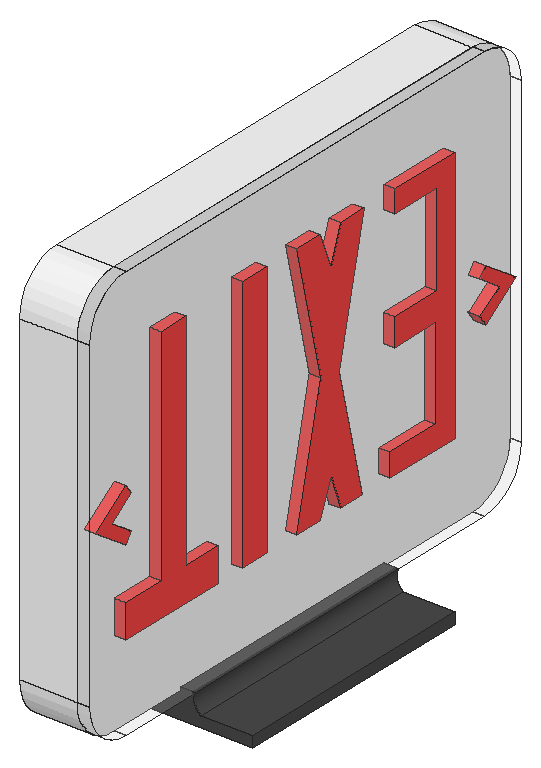
Revit family "SEMR_Ceiling", category Lighting Fixtures, host Face, Revit 2021
Family settings
  Host = Face
  Round Connector Dimension = Use Diameter
  Part Type = Normal
  OmniClass Number = 23.80.70.11.21
  OmniClass Title = Emergency Lighting
  Cut with Voids When Loaded = No
  Light Source = No
  Shared = No
  Room Calculation Point = No
Parameters (values of type "SEMR-S-R")
  zz Length 1 [instance] = if(Single Face, 0.200", 0.250")  # 0.200"
  Watts = 3.72 W
  Wattage Comments = "3.72 W"
  Warranty = "Fixture: 5 Years Full; Battery: 2 Years Full, 8 Years Pro-Rata"  # constant formula
  Wall Plate Material = Black
  Voltage [instance] = if(Is 120VAC, 120 V, 277 V)  # 120 V
  URL = "https://www.currentlighting.com/dual-lite"
  Type Comments = "Exit Light"  # constant formula
  Single Face = yes
  Product Page URL = ""
  Product Documentation Link = ""
  Model = "SEMR"
  Manufacturer = "DUAL-LITE"  # constant formula
  Load Classification = Lighting
  Lens = Red Glass
  Lamp = "LED Lamp"  # constant formula
  Is 277VAC [instance] = not(Is 120VAC)  # no
  Is 120VAC [instance] = yes
  Holder Material = Steel
  Glass = Light Glass
  Finish = White
  Features = "High-strength cast aluminum construction\r\n• Compact, low-profile style\r\n• Red and Green letters\r\n• Break out chevron directional arrows\r\n• Wide range of options including vandal/tamper-proof"  # constant formula
  Double Face = no
  Description = "A nickel-cadmium battery is supplied with master exits and comes with a solid state constant current type charger. Transfer to emergency\r\noperation is completely automatic upon failure of utility AC voltage. Units also have a built-in protection for transformer isolation, surge,\r\ntransient and low voltage disconnect. Emergency operation shall be provided for a minimum of 90 minutes. Full battery recharge occurs\r\nin compliance with UL 924 specifications. A universal 120/277 VAC, 60Hz input transformer, test switch and long life AC pilot light are all\r\nprovided standard. Exit signs must comply with all UL 924 and NFPA 101 Life Safety Code requirement"  # constant formula
  Default Elevation = 48.000"
  Certification = "UL 924 Listed\r\nNFPA 101 Life Safety Code\r\nCEC T20 Compliant"  # constant formula
  Ceiling = Ceiling : C1
  Application = "The Sempra® MR Series are a set of compact, low-profile Master/\r\nRemote exit sign featuring cast aluminum construction. It allows for\r\neasy installation and has energy saving, long-life LED lamps. "  # constant formula
  Apparent Load = Watts  # 3.72 VA
Types (4): name | Lens | Double Face
  SEMR-S-R | Red Glass | no
  SEMR-S-G | Green Glass | no
  SEMR-D-G | Green Glass | yes
  SEMR-D-R | Red Glass | yes
Reference planes (in)
  plane 1 "Center (Front/Back)": y = 0
  plane 2: z = 0
  plane 3 "Center (Left/Right)": x = 0
  plane 4: x = -6.25
  plane 5: x = 6.25
  plane 6: x = -2.75
  plane 7: x = 2.75
  plane 8: z = 9.3
  plane 9: y = -1.25
  plane 10: y = 1.25
  plane 11: y = -2.2
  plane 12: y = 2.2
Forms (in)
  Extrusion 1, solid, material "Black" <- "Wall Plate Material"
    sketch origin (-0.33698, -0.33698, 0) x (1, 0, 0) y (0, 0, 1)
      loop
        line (2.20258, 0) -> (2.20258, 0.24288) -> (1.0795, 0.24288)
        arc (1.0795, 0.24288) -> (0.94157, 0.42301) -> (0.97906, 0.64676) r 0.28476
        line (0.97906, 0.64676) -> (-0.97906, 0.64676)
        arc (-0.97906, 0.64676) -> (-0.94157, 0.42301) -> (-1.0795, 0.24288) r 0.28476
        line (-1.0795, 0.24288) -> (-2.20258, 0.24288) -> (-2.20258, 0) -> (2.20258, 0)
    from -2.75 to 2.75
Dimensions and locks (in)
  plane 4 to plane 3 "Center (Left/Right)" = 6.250"
  equal spacing: plane 4, plane 3 "Center (Left/Right)", plane 5
  equal spacing: plane 6, plane 3 "Center (Left/Right)", plane 7
  plane 6 to plane 3 "Center (Left/Right)" = 2.750"
  plane 7 to plane 6 = 5.500"
  plane 5 to plane 4 = 12.500"
  aligned and locked: plane 2 to host face
  aligned and locked: level to host face
Automatic sketch dimensions
  host sketch curve to host sketch curve = 96.000"  (x2)
  Extrusion 1 sketch curve to level = 0.000"
  plane 6 to Extrusion 1 sketch curve = 0.21043"
  level to Extrusion 1 sketch curve = 0.49173"
  Extrusion 1 sketch curve to Extrusion 1 sketch curve = 0.98467"
  Extrusion 1 sketch curve to Extrusion 1 sketch curve = 0.13842"  (x2)
  Extrusion 1 sketch curve to Extrusion 1 sketch curve = 0.23886"
  plane 3 "Center (Left/Right)" to Extrusion 1 sketch curve = 0.64208"
  Extrusion 1 sketch curve to Extrusion 1 sketch curve = 0.10044"
  level to Extrusion 1 sketch curve = 0.24288"
  Extrusion 1 sketch curve to plane 7 = 0.8844"
  Extrusion 1 sketch curve to Extrusion 1 sketch curve = 0.24288"
Nested families (in)
  nested 1: "Ceiling" at (-0.3125, 0, 0.5625) x (0, 1, 0) z (0, 0, 1), type <- "Ceiling", type "C1"
Connectors (in)
  electrical at (-0.33698, -0.33698, 0), driven by "Voltage", driven by "Apparent Load"
    settings: on Extrusion 1, index 1, voltage 120 V, apparent load 3.72 VA, apparent load phase1 0 VA, apparent load phase2 0 VA, apparent load phase3 0 VA, power factor 1, load classification "Other", number of poles 1, system type 30, power factor state 1, is connector primary yes, connector utility no, sub classification motor no, connector description "Lighting Connector"
Definition of nested family "Ceiling"
  Parameters
    Single Face = yes
    Lens = none
    Glass = none
    Finish = none
    Double Face = no
    Default Elevation = 0.000"
  Reference planes (in)
    plane 1 "Center (Front/Back)": y = 0
    plane 2: z = 0
    plane 3 "Center (Left/Right)": x = 0
    plane 4: x = -5.875
    plane 5: x = 5.875
    plane 6: z = 9.055
    plane 7: y = -0.866
    plane 8: y = 0.866
  Forms (in)
    Extrusion 1, solid, material <- "Finish"
      sketch origin (0, 0.02507, -0.25) x (1, 0, 0) y (0, 0, 1)
        loop
          arc (-4.875, 9.3) -> (-5.58211, 9.00711) -> (-5.875, 8.3) r 1
          line (-5.875, 8.3) -> (-5.875, 1.25)
          arc (-5.875, 1.25) -> (-5.58211, 0.54289) -> (-4.875, 0.25) r 1
          line (-4.875, 0.25) -> (4.875, 0.25)
          arc (4.875, 0.25) -> (5.58211, 0.54289) -> (5.875, 1.25) r 1
          line (5.875, 1.25) -> (5.875, 8.3)
          arc (5.875, 8.3) -> (5.58211, 9.00711) -> (4.875, 9.3) r 1
          line (4.875, 9.3) -> (-4.875, 9.3)
      from -0.625 to 0.625
    Extrusion 2, solid, material <- "Lens", visible <- "Single Face"
      sketch origin (0, 0.02507, 1) x (1, 0, 0) y (0, 0, 1)
        loop
          line (-4.88814, 3.88778) -> (-5.7073, 3.3142) -> (-4.88814, 2.74063) -> (-4.74475, 2.94542) -> (-5.27143, 3.3142) -> (-4.74475, 3.68299) -> (-4.88814, 3.88778)
        loop
          line (4.88814, 3.88778) -> (4.74475, 3.68299) -> (5.27143, 3.3142) -> (4.74475, 2.94542) -> (4.88814, 2.74063) -> (5.7073, 3.3142) -> (4.88814, 3.88778)
        loop
          line (2.43416, 6.45678) -> (2.43416, 5.97564) -> (3.5716, 5.97564) -> (3.5716, 3.97225) -> (2.43416, 3.97225) -> (2.43416, 3.36683) -> (3.55274, 3.3823) -> (3.55274, 1.3823) -> (2.30274, 1.3823) -> (2.30274, 0.8823) -> (4.05274, 0.8823) -> (4.05274, 6.45678) -> (2.43416, 6.45678)
        loop
          line (1.58093, 6.45573) -> (0.95036, 6.45573) -> (0.67318, 5.69418) -> (0.396, 6.45573) -> (-0.23457, 6.45573) -> (0.40867, 3.66954) -> (-0.23457, 0.88335) -> (0.396, 0.88335) -> (0.67318, 1.64489) -> (0.95036, 0.88335) -> (1.53078, 0.88335) -> (0.91261, 3.56092) -> (1.58093, 6.45573)
        loop
          line (-1.71319, 6.47228) -> (-1.71319, 0.88335) -> (-1.04357, 0.88335) -> (-1.04357, 6.47228) -> (-1.71319, 6.47228)
        loop
          line (-2.38057, 0.88335) -> (-2.38057, 1.61488) -> (-3.25288, 1.61488) -> (-3.25288, 6.47228) -> (-3.9225, 6.47228) -> (-3.9225, 1.61488) -> (-4.89234, 1.61488) -> (-4.89234, 0.88335) -> (-2.38057, 0.88335)
      from 0.625 to 0.89107
    Extrusion 3, solid, material <- "Glass", visible <- "Single Face"
      sketch origin (0, 0.02507, -0.25) x (1, 0, 0) y (0, 0, 1)
        loop
          line (-5.875, 8.305) -> (-5.875, 1.25)
          arc (-5.875, 1.25) -> (-5.58211, 0.54289) -> (-4.875, 0.25) r 1
          line (-4.875, 0.25) -> (4.875, 0.25)
          arc (4.875, 0.25) -> (5.58211, 0.54289) -> (5.875, 1.25) r 1
          line (5.875, 1.25) -> (5.875, 8.305)
          arc (5.875, 8.305) -> (5.58211, 9.01211) -> (4.875, 9.305) r 1
          line (4.875, 9.305) -> (-4.875, 9.305)
          arc (-4.875, 9.305) -> (-5.58211, 9.01211) -> (-5.875, 8.305) r 1
      from 0.625 to 0.89107
    Extrusion 4, solid, material <- "Lens", visible <- "Double Face"
      sketch origin (0, 0.02507, 8.35458) x (-1, 0, 0) y (0, 0, 1)
        loop
          line (-4.88814, -3.88778) -> (-4.74475, -3.68299) -> (-5.27143, -3.3142) -> (-4.74475, -2.94542) -> (-4.88814, -2.74063) -> (-5.7073, -3.3142) -> (-4.88814, -3.88778)
        loop
          line (4.88814, -3.88778) -> (5.7073, -3.3142) -> (4.88814, -2.74063) -> (4.74475, -2.94542) -> (5.27143, -3.3142) -> (4.74475, -3.68299) -> (4.88814, -3.88778)
        loop
          line (2.43416, -6.45678) -> (4.05274, -6.45678) -> (4.05274, -0.8823) -> (2.30274, -0.8823) -> (2.30274, -1.3823) -> (3.55274, -1.3823) -> (3.55274, -3.3823) -> (2.43416, -3.36683) -> (2.43416, -3.97225) -> (3.5716, -3.97225) -> (3.5716, -5.97564) -> (2.43416, -5.97564) -> (2.43416, -6.45678)
        loop
          line (1.58093, -6.45573) -> (0.91261, -3.56092) -> (1.53078, -0.88335) -> (0.95036, -0.88335) -> (0.67318, -1.64489) -> (0.396, -0.88335) -> (-0.23457, -0.88335) -> (0.40867, -3.66954) -> (-0.23457, -6.45573) -> (0.396, -6.45573) -> (0.67318, -5.69418) -> (0.95036, -6.45573) -> (1.58093, -6.45573)
        loop
          line (-1.71319, -6.47228) -> (-1.04357, -6.47228) -> (-1.04357, -0.88335) -> (-1.71319, -0.88335) -> (-1.71319, -6.47228)
        loop
          line (-4.89234, -6.47228) -> (-2.38057, -6.47228) -> (-2.38057, -5.74075) -> (-3.35041, -5.74075) -> (-3.35041, -0.88335) -> (-4.02003, -0.88335) -> (-4.02003, -5.74075) -> (-4.89234, -5.74075) -> (-4.89234, -6.47228)
      from 0.625 to 0.84093
    Extrusion 5, solid, material <- "Glass", visible <- "Double Face"
      sketch origin (0, 0.02507, -0.25) x (1, 0, 0) y (0, 0, -1)
        loop
          line (5.875, -8.3) -> (5.875, -1.25)
          arc (5.875, -1.25) -> (5.58211, -0.54289) -> (4.875, -0.25) r 1
          line (4.875, -0.25) -> (-4.875, -0.25)
          arc (-4.875, -0.25) -> (-5.58211, -0.54289) -> (-5.875, -1.25) r 1
          line (-5.875, -1.25) -> (-5.875, -8.3)
          arc (-5.875, -8.3) -> (-5.58211, -9.00711) -> (-4.875, -9.3) r 1
          line (-4.875, -9.3) -> (4.875, -9.3)
          arc (4.875, -9.3) -> (5.58211, -9.00711) -> (5.875, -8.3) r 1
      from 0.625 to 0.84093
  Dimensions and locks (in)
    aligned and locked: plane 2 to level
